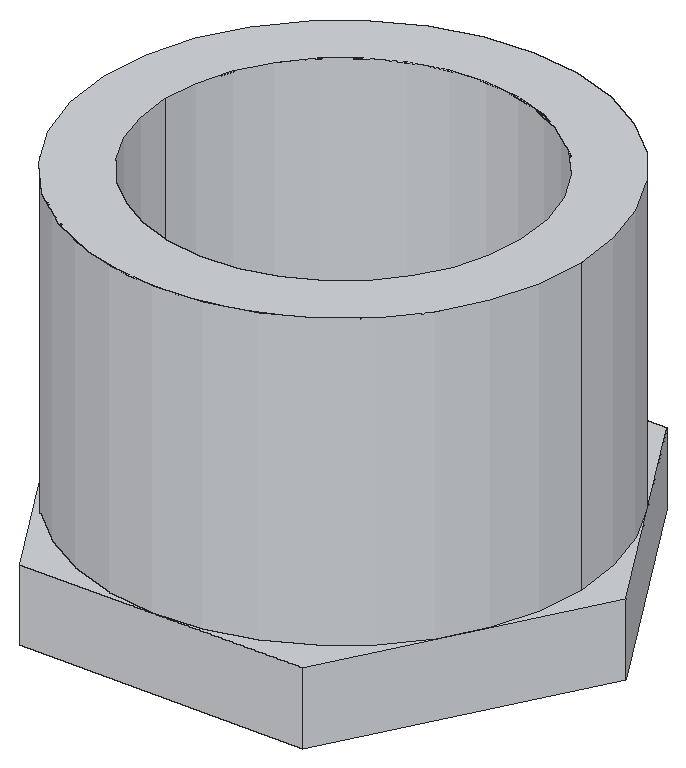
Revit family "MBBS16", category Generic Models, Revit 2017
Family settings
  Can host rebar = No
  Round Connector Dimension = Use Diameter
  Part Type = Normal
  Work Plane-Based = Yes
  Always vertical = No
  Cut with Voids When Loaded = No
  Shared = No
  Room Calculation Point = No
Parameters (values of type "NBS Standard Parameters")
  Weight = "0.0056Kg"
  WarrantyStartDate [instance] = "1900-12-31T23:59:59"
  WarrantyGuarantorParts = "n/a"
  WarrantyGuarantorLabor = "n/a"
  WarrantyDurationUnit = "1 year"
  WarrantyDurationParts = "1 year"
  WarrantyDurationLabor = "n/a"
  WarrantyDescription = "n/a"
  Version = "1"
  Uniclass2 = "Pr_65_70_11_20"
  TagNumber [instance] = "n/a"
  SustainabilityPerformance = "n/a"
  Size = "16mm"
  Shape = "Circular"
  SerialNumber [instance] = "n/a"
  Revision = "n/a"
  ReplacementCost = "n/a"
  ProductInformation = "www.metpro.co.uk/pdf/mbbs16.pdf"
  NominalWidth = 17 mm
  NominalLength = 17 mm
  NominalHeight = 13.2 mm
  Name = ""
  NBSTypeID = ""
  NBSReference = "90-55-10/460"
  NBSOfficeMasterTag = ""
  NBSNote = ""
  NBSDescription = "Conduit Fittings"
  NBSCertification = ""
  ModelReference = "MBBS16"
  ModelNumber = "n/a"
  Material = "Brass"
  ManufacturerURL = "www.metpro.co.uk"
  ManufacturerName = "Metpro Ltd"
  InstallationDate [instance] = "1900-12-31T23:59:59"
  IfcExportType = ""
  IfcExportAs = ""
  Grade = "n/a"
  Finish = "Self Colour"
  Features = "n/a"
  ExpectedLife = "n/a"
  DurationUnit = "year"
  Description = "MBBS16 - 16mm Male Brass Bush - Short"
  Default Elevation = 1219.2 mm
  Constituents = "n/a"
  Color = "n/a"
  CodePerformance = "n/a"
  Category = "n/a"
  BarCode [instance] = "n/a"
  BIMObjectName = "Metpro_metprolibrary_conduitfittings_metalcomponent_brassaccessories"
  Author = "Metpro Ltd"
  AssetType = "Fixed"
  AssetIdentifier [instance] = "n/a"
  AccessibilityPerformance = "n/a"
Reference planes
  plane 1 "Center (Front/Back)": y = 0
  plane 2: z = 0
  plane 3 "Center (Left/Right)": x = 0
Forms (mm)
  Extrusion 1, solid
    sketch origin (0, 0, 0) x (1, 0, 0) y (0, 1, 0)
      loop
        circle (8.689, 13.293) r 6.4
      loop
        line (13.914, 4.931) -> (18.543, 13.637) -> (13.318, 21.999) -> (3.464, 21.655) -> (-1.165, 12.949) -> (4.06, 4.587) -> (13.914, 4.931)
    from 0 to 2.6
  Extrusion 2, solid
    sketch origin (0, 0, 2.6) x (1, 0, 0) y (0, 1, 0)
      loop
        circle (8.689, 13.293) r 6.4
      loop
        circle (8.689, 13.293) r 8.544
    from 0 to 10.5
Dimensions and locks
  aligned and locked: level to plane 2
